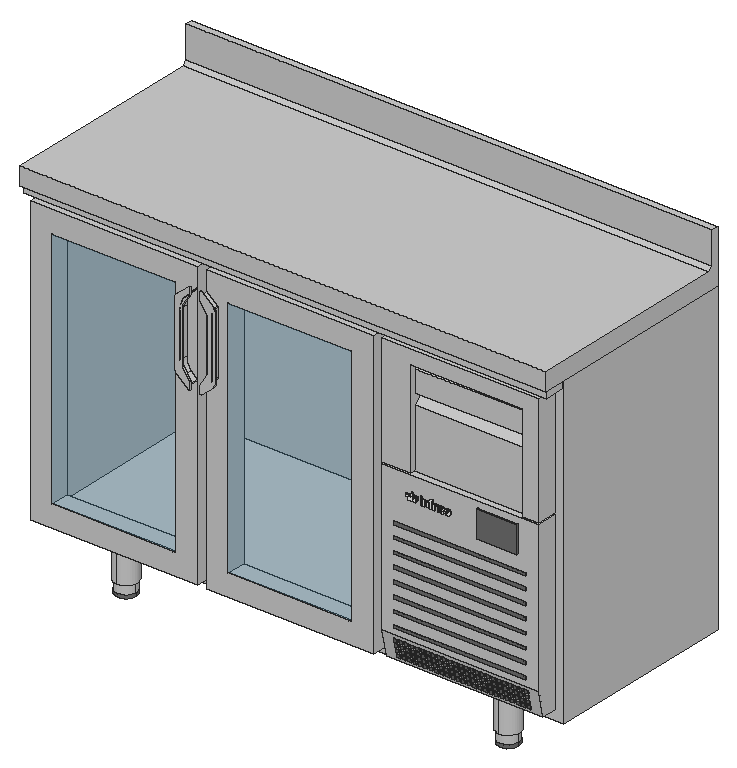
Revit family "QF_INFRICO_FMPP1500CR_250812095437", category Specialty Equipment, Revit 2021 (continued)
Definition of nested family "QF_INFRICO_LEGS_7329"
  Types (29, lengths in mm): name | Model | Length | Height | Depth | CentralLegs
    LEGS_1470_600 | "LEGS_1470_600" | 1468 | 140 | 600 | no
    LEGS_1960_600 | "LEGS_1960_600" | 1960 | 140 | 600 | no
    LEGS_2450_600 | "LEGS_2450_600" | 2452 | 140 | 600 | yes
    LEGS_1610_800 | "LEGS_1610_800" | 1618 | 140 | 800 | no
    LEGS_2190_800 | "LEGS_2190_800" | 2185 | 140 | 800 | no
    LEGS_2750_800 | "LEGS_2750_800" | 2752 | 140 | 800 | yes
    LEGS_1160_700 | "LEGS_1160_700" | 1160 | 140 | 700 | no
    LEGS_1650_700 | "LEGS_1650_700" | 1652 | 140 | 700 | no
    LEGS_2140_700 | "LEGS_2140_700" | 2144 | 140 | 700 | yes
    LEGS_1960_640 | "LEGS_1960_640" | 1960 | 140 | 638 | no
    LEGS_1470_640 | "LEGS_1470_640" | 1468 | 140 | 638 | no
    LEGS_1160_600 | "LEGS_1160_600" | 1160 | 140 | 600 | no
    LEGS_1650_600 | "LEGS_1650_600" | 1652 | 140 | 600 | no
    LEGS_1310_800 | "LEGS_1310_800" | 1310 | 140 | 800 | no
    LEGS_1890_800 | "LEGS_1890_800" | 1877 | 140 | 800 | no
    LEGS_2440_800 | "LEGS_2440_800" | 2444 | 140 | 800 | yes
    LEGS_1610_740 | "LEGS_1610_740" | 1618 | 140 | 738 | no
    LEGS_2190_740 | "LEGS_2190_740" | 2185 | 140 | 738 | no
    LEGS_2140_600 | "LEGS_2140_600" | 2144 | 140 | 600 | yes
    LEGS_980_800 | "LEGS_980_800" | 980 | 150 | 800 | no
    LEGS_1470_800 | "LEGS_1470_800" | 1468 | 150 | 800 | no
    LEGS_1740_800 | "LEGS_1740_800" | 1738 | 140 | 800 | no
    LEGS_2300_800 | "LEGS_2300_800" | 2305 | 140 | 800 | yes
    LEGS_1690_800 | "LEGS_1690_800" | 1693 | 140 | 800 | no
    LEGS_2260_800 | "LEGS_2260_800" | 2260 | 140 | 800 | yes
    LEGS_1460_700 | "LEGS_1460_700" | 1460 | 140 | 700 | no
  Reference planes
    plane 1 "Back": y = 0
    plane 2: z = 0
    plane 3 "Left": x = 0
    plane 4 "Right": x = 2185
    plane 5 "Front": y = -738
    plane 6 "Top": z = 140
    plane 7 "Central": x = 1092.5
  Forms (mm)
    Extrusion 1, solid
      sketch origin (0, 0, 140) x (0, 1, 0) y (-1, 0, 0)
        loop
          line (-568, -154.986) -> (-668, -154.986) -> (-668, -244.986) -> (-568, -244.986) -> (-568, -154.986)
      from 0 to -3
    Extrusion 2, solid
      sketch origin (0, 0, 0) x (1, 0, 0) y (0, 1, 0)
        loop
          circle (199.986, -618) r 28
      from 9 to 35
    Extrusion 3, solid
      sketch origin (0, 0, 0) x (1, 0, 0) y (0, 1, 0)
        loop
          circle (199.986, -618) r 28.5
      from 0 to 9
    Sweep 4, solid
      path origin (0, 0, 0) x (0, 1, 0) y (0, 0, 1)
        loop
          line (-618, 35) -> (-618, 137)
      profile origin (0, -618, 86) x (0, -1, 0) y (1, 0, 0)
        loop
          circle (0, 199.986) r 32
    Extrusion 5, solid
      sketch origin (0, 500, 140) x (0, 1, 0) y (-1, 0, 0)
        loop
          line (-530, -154.986) -> (-630, -154.986) -> (-630, -244.986) -> (-530, -244.986) -> (-530, -154.986)
      from 0 to -3
    Extrusion 6, solid
      sketch origin (0, 500, 0) x (1, 0, 0) y (0, 1, 0)
        loop
          circle (199.986, -580) r 28
      from 9 to 35
    Extrusion 7, solid
      sketch origin (0, 500, 0) x (1, 0, 0) y (0, 1, 0)
        loop
          circle (199.986, -580) r 28.5
      from 0 to 9
    Sweep 8, solid
      path origin (0, 500, 0) x (0, 1, 0) y (0, 0, 1)
        loop
          line (-580, 35) -> (-580, 137)
      profile origin (0, -80, 86) x (0, -1, 0) y (1, 0, 0)
        loop
          circle (0, 199.986) r 32
    Extrusion 9, solid
      sketch origin (1560, 0, 140) x (0, 1, 0) y (-1, 0, 0)
        loop
          line (-568, -379.986) -> (-668, -379.986) -> (-668, -469.986) -> (-568, -469.986) -> (-568, -379.986)
      from 0 to -3
    Extrusion 10, solid
      sketch origin (1560, 0, 0) x (1, 0, 0) y (0, 1, 0)
        loop
          circle (424.986, -618) r 28
      from 9 to 35
    Extrusion 11, solid
      sketch origin (1560, 0, 0) x (1, 0, 0) y (0, 1, 0)
        loop
          circle (424.986, -618) r 28.5
      from 0 to 9
    Sweep 12, solid
      path origin (2185, 0, 0) x (0, -1, 0) y (0, 0, 1)
        loop
          line (618, 35) -> (618, 137)
      profile origin (2185, -618, 86) x (0, 1, 0) y (-1, 0, 0)
        loop
          circle (0, 199.986) r 32
    Extrusion 13, solid
      sketch origin (1560, 500, 140) x (0, 1, 0) y (-1, 0, 0)
        loop
          line (-530, -379.986) -> (-630, -379.986) -> (-630, -469.986) -> (-530, -469.986) -> (-530, -379.986)
      from 0 to -3
    Extrusion 14, solid
      sketch origin (1560, 500, 0) x (1, 0, 0) y (0, 1, 0)
        loop
          circle (424.986, -580) r 28
      from 9 to 35
    Extrusion 15, solid
      sketch origin (1560, 500, 0) x (1, 0, 0) y (0, 1, 0)
        loop
          circle (424.986, -580) r 28.5
      from 0 to 9
    Sweep 16, solid
      path origin (2185, 0, 0) x (0, -1, 0) y (0, 0, 1)
        loop
          line (80, 35) -> (80, 137)
      profile origin (2185, -80, 86) x (0, 1, 0) y (-1, 0, 0)
        loop
          circle (0, 199.986) r 32
    Extrusion 17, solid, visible <- "CentralLegs"
      sketch origin (534.014, 0, 140) x (0, 1, 0) y (-1, 0, 0)
        loop
          line (-568, -513.486) -> (-668, -513.486) -> (-668, -603.486) -> (-568, -603.486) -> (-568, -513.486)
      from 0 to -3
    Extrusion 18, solid, visible <- "CentralLegs"
      sketch origin (534.014, 0, 0) x (1, 0, 0) y (0, 1, 0)
        loop
          circle (558.486, -618) r 28
      from 9 to 35
    Extrusion 19, solid, visible <- "CentralLegs"
      sketch origin (534.014, 0, 0) x (1, 0, 0) y (0, 1, 0)
        loop
          circle (558.486, -618) r 28.5
      from 0 to 9
    Sweep 20, solid, visible <- "CentralLegs"
      path origin (1092.5, 0, 0) x (0, -1, 0) y (0, 0, 1)
        loop
          line (618, 35) -> (618, 137)
      profile origin (1092.5, -618, 86) x (0, 1, 0) y (-1, 0, 0)
        loop
          circle (0, -0.014) r 32
    Extrusion 21, solid, visible <- "CentralLegs"
      sketch origin (534.014, 500, 140) x (0, 1, 0) y (-1, 0, 0)
        loop
          line (-530, -513.486) -> (-630, -513.486) -> (-630, -603.486) -> (-530, -603.486) -> (-530, -513.486)
      from 0 to -3
    Extrusion 22, solid, visible <- "CentralLegs"
      sketch origin (534.014, 500, 0) x (1, 0, 0) y (0, 1, 0)
        loop
          circle (558.486, -580) r 28
      from 9 to 35
    Extrusion 23, solid, visible <- "CentralLegs"
      sketch origin (534.014, 500, 0) x (1, 0, 0) y (0, 1, 0)
        loop
          circle (558.486, -580) r 28.5
      from 0 to 9
    Sweep 24, solid, visible <- "CentralLegs"
      path origin (1092.5, 0, 0) x (0, -1, 0) y (0, 0, 1)
        loop
          line (80, 35) -> (80, 137)
      profile origin (1092.5, -80, 86) x (0, 1, 0) y (-1, 0, 0)
        loop
          circle (0, -0.014) r 32
  Dimensions and locks
    "Length": plane 3 "Left" to plane 4 "Right"
    "Depth": plane 1 "Back" to plane 5 "Front"
    "Height": plane 6 "Top" to plane 2
    equal spacing: plane 3 "Left", plane 7 "Central", plane 4 "Right"
    locked: Sweep 20 sketch curve to profile plane at 0.014
    locked: Sweep 24 sketch curve to profile plane at 0.014
    aligned and locked: level to plane 2
  Automatic sketch dimensions
    plane 5 "Front" to Extrusion 1 sketch curve = 70 mm
    Extrusion 1 sketch curve to Extrusion 1 sketch curve = 100 mm
    plane 3 "Left" to Extrusion 1 sketch curve = 244.986 mm
    Extrusion 1 sketch curve to Extrusion 1 sketch curve = 90 mm
    plane 3 "Left" to Extrusion 2 sketch curve = 199.986 mm
    plane 5 "Front" to Extrusion 2 sketch curve = 120 mm
    plane 3 "Left" to Extrusion 3 sketch curve = 199.986 mm
    plane 5 "Front" to Extrusion 3 sketch curve = 120 mm
    Sweep 4 sketch curve to plane 6 "Top" = 3 mm
    plane 5 "Front" to Sweep 4 sketch curve = 120 mm
    level to Sweep 4 sketch curve = 35 mm
    Sweep 4 sketch curve to profile plane = 0 mm
    plane 3 "Left" to Sweep 4 sketch curve = 199.986 mm
    plane 1 "Back" to Extrusion 5 sketch curve = 130 mm
    plane 1 "Back" to Extrusion 5 sketch curve = 30 mm
    plane 3 "Left" to Extrusion 5 sketch curve = 244.986 mm
    Extrusion 5 sketch curve to Extrusion 5 sketch curve = 90 mm
    plane 1 "Back" to Extrusion 6 sketch curve = 80 mm
    plane 3 "Left" to Extrusion 6 sketch curve = 199.986 mm
    plane 1 "Back" to Extrusion 7 sketch curve = 80 mm
    plane 3 "Left" to Extrusion 7 sketch curve = 199.986 mm
    Sweep 8 sketch curve to plane 6 "Top" = 3 mm
    plane 1 "Back" to Sweep 8 sketch curve = 80 mm
    level to Sweep 8 sketch curve = 35 mm
    Sweep 8 sketch curve to profile plane = 0 mm
    plane 3 "Left" to Sweep 8 sketch curve = 199.986 mm
    plane 5 "Front" to Extrusion 9 sketch curve = 70 mm
    Extrusion 9 sketch curve to Extrusion 9 sketch curve = 100 mm
    plane 4 "Right" to Extrusion 9 sketch curve = 155.014 mm
    Extrusion 9 sketch curve to Extrusion 9 sketch curve = 90 mm
    plane 4 "Right" to Extrusion 10 sketch curve = 200.014 mm
    plane 5 "Front" to Extrusion 10 sketch curve = 120 mm
    plane 4 "Right" to Extrusion 11 sketch curve = 200.014 mm
    plane 5 "Front" to Extrusion 11 sketch curve = 120 mm
    Sweep 12 sketch curve to profile plane = 0 mm
    profile plane to Sweep 12 sketch curve = 199.986 mm
    plane 1 "Back" to Extrusion 13 sketch curve = 130 mm
    plane 1 "Back" to Extrusion 13 sketch curve = 30 mm
    plane 4 "Right" to Extrusion 13 sketch curve = 155.014 mm
    Extrusion 13 sketch curve to Extrusion 13 sketch curve = 90 mm
    plane 1 "Back" to Extrusion 14 sketch curve = 80 mm
    plane 4 "Right" to Extrusion 14 sketch curve = 200.014 mm
    plane 1 "Back" to Extrusion 15 sketch curve = 80 mm
    plane 4 "Right" to Extrusion 15 sketch curve = 200.014 mm
    Sweep 16 sketch curve to profile plane = 0 mm
    profile plane to Sweep 16 sketch curve = 199.986 mm
    plane 5 "Front" to Extrusion 17 sketch curve = 70 mm
    Extrusion 17 sketch curve to plane 7 "Central" = 45 mm
    Extrusion 17 sketch curve to Extrusion 17 sketch curve = 100 mm
    plane 7 "Central" to Extrusion 17 sketch curve = 45 mm
    Extrusion 18 sketch curve to plane 7 "Central" = 0 mm
    plane 5 "Front" to Extrusion 18 sketch curve = 120 mm
    Extrusion 19 sketch curve to plane 7 "Central" = 0 mm
    plane 5 "Front" to Extrusion 19 sketch curve = 120 mm
    Sweep 20 sketch curve to profile plane = 0 mm
    plane 7 "Central" to Extrusion 21 sketch curve = 45 mm
    plane 1 "Back" to Extrusion 21 sketch curve = 130 mm
    plane 1 "Back" to Extrusion 21 sketch curve = 30 mm
    Extrusion 21 sketch curve to plane 7 "Central" = 45 mm
    Extrusion 22 sketch curve to plane 7 "Central" = 0 mm
    plane 1 "Back" to Extrusion 22 sketch curve = 80 mm
    Extrusion 23 sketch curve to plane 7 "Central" = 0 mm
    plane 1 "Back" to Extrusion 23 sketch curve = 80 mm
    Sweep 24 sketch curve to profile plane = 0 mm
    Sweep 16 sketch curve to plane 6 "Top" = 3 mm
    plane 1 "Back" to Sweep 16 sketch curve = 80 mm
    level to Sweep 16 sketch curve = 35 mm
    Sweep 12 sketch curve to plane 6 "Top" = 3 mm
    plane 5 "Front" to Sweep 12 sketch curve = 120 mm
    level to Sweep 12 sketch curve = 35 mm
    Sweep 20 sketch curve to plane 6 "Top" = 3 mm
    plane 5 "Front" to Sweep 20 sketch curve = 120 mm
    level to Sweep 20 sketch curve = 35 mm
    Sweep 24 sketch curve to plane 6 "Top" = 3 mm
    plane 1 "Back" to Sweep 24 sketch curve = 80 mm
    level to Sweep 24 sketch curve = 35 mm
    radius of Extrusion 2 sketch curve = 28 mm
    radius of Extrusion 3 sketch curve = 28.5 mm
    radius of Sweep 4 sketch curve = 32 mm
    radius of Extrusion 6 sketch curve = 28 mm
    radius of Extrusion 7 sketch curve = 28.5 mm
    radius of Sweep 8 sketch curve = 32 mm
    radius of Extrusion 10 sketch curve = 28 mm
    radius of Extrusion 11 sketch curve = 28.5 mm
    radius of Sweep 12 sketch curve = 32 mm
    radius of Extrusion 14 sketch curve = 28 mm
    radius of Extrusion 15 sketch curve = 28.5 mm
    radius of Sweep 16 sketch curve = 32 mm
    radius of Extrusion 18 sketch curve = 28 mm
    radius of Extrusion 19 sketch curve = 28.5 mm
    radius of Sweep 20 sketch curve = 32 mm
    radius of Extrusion 22 sketch curve = 28 mm
    radius of Extrusion 23 sketch curve = 28.5 mm
    radius of Sweep 24 sketch curve = 32 mm
Definition of nested family "CONN_POINT_DRAIN_2D___Generic_Annotation"
  Parameters (values of type "CONN_POINT_DRAIN_2D___Generic_Annotation")
    Onboard connection annotation symbol visibility [instance] = yes
  Reference planes
    plane 1: y = 0
    plane 2: x = 0
  Lines and regions (mm)
    detail lines, visible <- "Onboard connection annotation symbol visibility"
      curve 1: circle (0, 0, 0) r 0.5 normal (0, 0, 1)
      curve 2: line (-1, 0, 0) -> (1, 0, 0)
      curve 3: line (0, 1, 0) -> (0, -1, 0)
      curve 4: line (1.776, 1, 0) -> (1.25, 1, 0)
      curve 5: line (1.25, 1, 0) -> (1.25, -1, 0)
      curve 6: line (1.25, -1, 0) -> (1.776, -1, 0)
      curve 7: arc (2.206, -0.862, 0) -> (2.459, -0.589, 0) -> (2.583, -0.238, 0) r 0.918
      curve 8: arc (2.583, 0.238, 0) -> (2.459, 0.589, 0) -> (2.206, 0.862, 0) r 0.918
      curve 9: arc (2.583, -0.238, 0) -> (2.599, 0, 0) -> (2.583, 0.238, 0) r 1.77
      curve 10: arc (2.206, 0.862, 0) -> (2.002, 0.965, 0) -> (1.776, 1, 0) r 0.741
      curve 11: arc (1.776, -1, 0) -> (2.002, -0.965, 0) -> (2.206, -0.862, 0) r 0.741
Definition of nested family "CONN_POINT_ELE_2D___Generic_Annotation"
  Parameters (values of type "CONN_POINT_ELE_2D___Generic_Annotation")
    Onboard connection annotation symbol visibility [instance] = yes
  Reference planes
    plane 1: y = 0
    plane 2: x = 0
  Lines and regions (mm)
    detail lines, visible <- "Onboard connection annotation symbol visibility"
      curve 1: circle (0, 0, 0) r 0.5 normal (0, 0, 1)
      curve 2: line (-1, 0, 0) -> (1, 0, 0)
      curve 3: line (0, 1, 0) -> (0, -1, 0)
      curve 4: line (2.5, 1, 0) -> (1.25, 1, 0)
      curve 5: line (1.25, 1, 0) -> (1.25, -1, 0)
      curve 6: line (1.25, -1, 0) -> (2.5, -1, 0)
      curve 7: line (1.25, 0, 0) -> (2, 0, 0)
